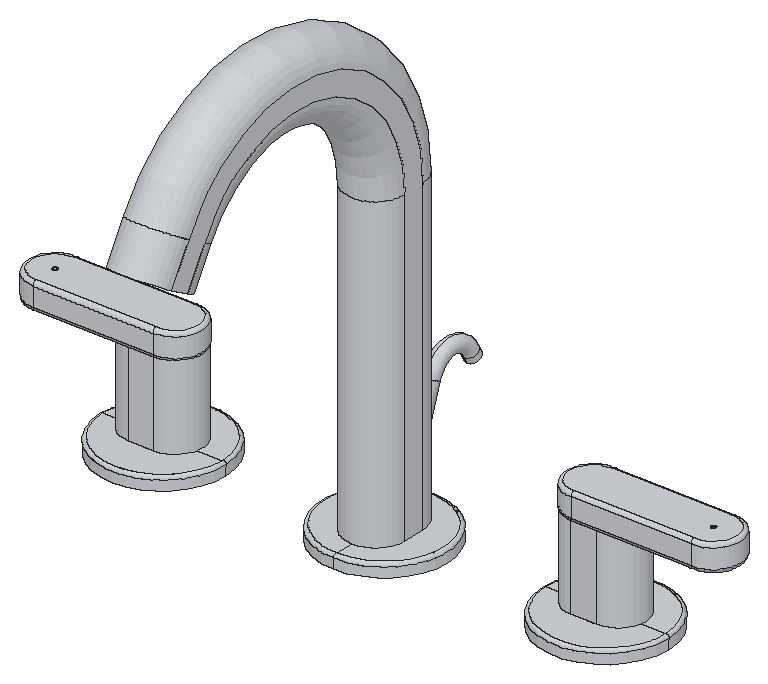
Revit family "Faucet-Lavatory-KOHLER-OBLO-K-4998T", category Plumbing Fixtures, host Face, Revit 2017
Family settings
  Host = Face
  Round Connector Dimension = Use Diameter
  Part Type = Normal
  OmniClass Number = 23.31.11.00
  Cut with Voids When Loaded = No
  Shared = No
  Room Calculation Point = No
Parameters (values of type "CP-Polished Chrome")
  Width = Faucet Hole Spacing  # 8"
  WaterSense Certified = 1 = 0  # no
  Waste Water Outlet = "Waste Water Outlet"  # constant formula
  Waste Connection = 1 = 0  # no
  Vent Connection = 1 = 0  # no
  URL = "https://www.kohler.com.cn/"
  Type = 1
  Spout Reach = 5 37/128"  # constant formula
  Product Page URL = "https://www.kohler.com.cn/product/K-4998T-4-CP/K-4998T-4-CP/"
  Product Name = "OBLO"  # constant formula
  Product Documentation Link = "https://files.kohler.com.cn/pdfs/k_4998t_4.pdf"
  Pressure = 0.00 psi
  Model = "K-4998T-4-CP"  # constant formula
  Material = "Premium Metal Construction"  # constant formula
  Master Format 2014 Name = "Residential Faucets, Supplies, and Trim"  # constant formula
  Master Format 2014 = "22 41 39"  # constant formula
  Manufacturer Address = "Kohler Beijing Office (100016)\r\n36-2-03-B, No. 88, Liuxiang Road, Beijing"  # constant formula
  Manufacturer = "KOHLER Co."  # constant formula
  Length = Spout Reach  # 5 37/128"
  Hot Water Inlet = "Hot Water Inlet"  # constant formula
  Height = 9 65/256"  # constant formula
  Handle Clearance = 2 113/256"  # constant formula
  HW Connection = 1 = 1  # yes
  Flow Rate = 0 GPM
  Finish = Kohler-Metal-CP-Polished_Chrome
  Faucet Hole Spacing = 8"
  Environmental Product Declaration = ""
  Drain Included = 1 = 1  # yes
  Description = "Opel 8 inch double-handle basin mixer"  # constant formula
  Default Elevation = 36"
  Declare Label = ""
  Date Modified = "05/12/2021"  # constant formula
  Date Created = "05/12/2021"  # constant formula
  Copyright = "Copyright KOHLER Co."  # constant formula
  Contact Us = "http://www.kohler.com.cn/contact/contact-us/"
  Cold Water Inlet = "Cold Water Inlet"  # constant formula
  CW Connection = 1 = 1  # yes
  Assembly Code = "D2010"
  ADA Compliant = 1 = 0  # no
Reference planes (in)
  plane 1 "Center (Front/Back)": y = 0
  plane 2: z = 0
  plane 3 "Center (Left/Right)": x = 0
  plane 4: x = -4
  plane 5: x = 4
  plane 6: x = -6.44141
  plane 7: x = -5.14173
  plane 8: x = -2.85827
  plane 9: x = 2.85827
  plane 10: x = 5.14173
  plane 11: x = 6.44141
  plane 12: y = 1.14173
  plane 13: y = -1.14173
  plane 14: x = -1.14173
  plane 15: x = 1.14173
  plane 16: y = -5.92736
  plane 17: y = 2.14961
  plane 18: y = -5.28906
  plane 19: z = 9.25391
  plane 20: z = 2.59084
  plane 21: z = 6.49606
  plane 22: z = 2.27559
Dimensions and locks (in)
  equal spacing: plane 4, plane 3 "Center (Left/Right)", plane 5
  "Width": plane 4 to plane 5
  locked: plane 4 to plane 7 at 1.14173
  locked: plane 8 to plane 4 at 1.14173
  locked: plane 9 to plane 5 at 1.14173
  locked: plane 5 to plane 10 at 1.14173
  "Handle Clearance": plane 4 to plane 6
  "Handle Clearance": plane 5 to plane 11
  "Spout Reach": plane 1 "Center (Front/Back)" to plane 18
  "Height": level to plane 19
  level to plane 21 = 6.49606"
  level to plane 22 = 2.27559"
  aligned and locked: plane 2 to host face
  aligned and locked: level to host face
  aligned and locked: plane 4 to nested 2
  aligned and locked: plane 5 to nested 3
Automatic sketch dimensions
  host sketch curve to host sketch curve = 96"  (x2)
Nested families (in)
  nested 1: "K-4998T_Spout" at (0, 0, 0), type "K-4998T_Spout"
  nested 2: "K-4998T_Handle_Left" at (-4, 0, 0), type "K-4998T_Handle_Left"
  nested 3: "K-4998T_Handle_Right" at (4, 0, 0) x (-1, 0, 0) z (0, 0, 1), type "K-4998T_Handle_Right"
Connectors (in)
  piping at (-4, 0, 0), diameter 0.5, driven by "Flow Rate", driven by "HW Connection", driven by "Hot Water Inlet"
    settings: on nested 2, index 1, connector inside diameter 24", connector length 0", flow factor 0, pipe flow 0 GPM, pressure drop 0.00 psi, fitting loss kfactor 0, connector angle 0.00°, fixture units 0, engagement length 0", angle of deflection 0.00°, flow configuration 0, flow direction 1, fitting loss method 0, system type 19, joint type 0, gender type 0, connector reference index -1, connector utility 1, adjustable connector no, is connector primary yes, connector description "Hot Water Inlet"
  piping at (4, 0, 0), diameter 0.5, driven by "Flow Rate", driven by "CW Connection", driven by "Cold Water Inlet"
    settings: on nested 3, index 2, connector inside diameter 24", connector length 0", flow factor 0, pipe flow 0 GPM, pressure drop 0.00 psi, fitting loss kfactor 0, connector angle 0.00°, fixture units 0, engagement length 0", angle of deflection 0.00°, flow configuration 0, flow direction 1, fitting loss method 0, system type 20, joint type 0, gender type 0, connector reference index -1, connector utility 1, adjustable connector no, is connector primary no, connector description "Cold Water Inlet"
Definition of nested family "K-4998T_Spout"
  Parameters (values of type "K-4998T_Spout")
    material = none
  Reference planes (in)
    plane 1 "Center (Front/Back)": y = 0
    plane 2: z = 0
    plane 3 "Center (Left/Right)": x = 0
    plane 4: y = 1.14173
    plane 5: x = 1.14173
    plane 6: x = -1.14173
    plane 7: y = -1.14173
    plane 8: y = -5.2874
    plane 9: z = 9.25197
    plane 10: z = 6.49606
    plane 11: z = 2.59084
    plane 12: y = 2.14961
    plane 13: y = -5.92736
  Forms (in)
    Revolve 1, solid, material <- "material", detail levels medium+fine
      sketch origin (0, 0, 0) x (0, 1, 0) y (0, 0, 1)
        loop
          line (0, 0) -> (0, 0.23622) -> (-1.08268, 0.23622)
          arc (-1.08268, 0.23622) -> (-1.12444, 0.21892) -> (-1.14173, 0.17717) r 0.05906
          line (-1.14173, 0.17717) -> (-1.14173, 0) -> (0, 0)
        axis (0, 0.23622) -> (0, 0)
      angle from 0 to 360
    Sweep 2, solid, material <- "material", detail levels medium+fine
      path origin (0, 0, 0) x (0, 1, 0) y (0, 0, 1)
        loop
          line (0, 0.23622) -> (0, 5.83911)
          arc (0, 5.83911) -> (-1.94925, 8.37942) -> (-4.9075, 7.15407) r 2.62992
          line (-4.9075, 7.15407) -> (-5.2874, 6.49606)
      profile origin (0, 0, 3.03767) x (0, -1, 0) y (1, 0, 0)
        loop
          arc (-0.20723, 0.5315) -> (-0.73872, 0) -> (-0.20723, -0.5315) r 0.5315
          line (-0.20723, -0.5315) -> (0.20723, -0.5315)
          arc (0.20723, -0.5315) -> (0.73872, 0) -> (0.20723, 0.5315) r 0.5315
          line (0.20723, 0.5315) -> (-0.20723, 0.5315)
    Sweep 3, solid, material <- "material", detail levels medium+fine
      path origin (0, 0, 0) x (0, 1, 0) y (0, 0, 1)
        loop
          line (1.99427, 2.08136) -> (1.93792, 2.19194)
          arc (1.93792, 2.19194) -> (1.47212, 2.45817) -> (1.04224, 2.13716) r 0.48926
          line (1.04224, 2.13716) -> (0.55943, 0.81067)
      profile origin (0, 1.47212, 2.45817) x (0, 0.061049, -0.998135) y (1, 0, 0)
        loop
          circle (0, 0) r 0.1378
    Revolve 4, solid, material <- "material", detail levels coarse
      sketch origin (0, 0.02794, 0.01178) x (0, 1, 0) y (0, 0, 1)
        loop
          line (0, 0.23622) -> (-1.14173, 0.23622) -> (-1.14173, 0) -> (0, 0) -> (0, 0.23622)
        axis (0, 0.23622) -> (0, 0)
      angle from 0 to 360
    Sweep 5, solid, material <- "material", detail levels coarse
      path origin (0, 0.02794, 0.01178) x (0, 1, 0) y (0, 0, 1)
        loop
          line (0, 0.23622) -> (0, 5.87193)
          arc (0, 5.87193) -> (-1.94273, 8.40375) -> (-4.89109, 7.1825) r 2.62113
          line (-4.89109, 7.1825) -> (-5.2874, 6.49606)
      profile origin (0, 0.02794, 3.06586) x (0, -1, 0) y (1, 0, 0)
        loop
          arc (-0.73872, -0.1102) -> (-0.62341, -0.38858) -> (-0.34502, -0.5039) r 0.3937
          line (-0.34502, -0.5039) -> (0.35495, -0.5039)
          arc (0.35495, -0.5039) -> (0.63334, -0.38858) -> (0.74865, -0.1102) r 0.3937
          line (0.74865, -0.1102) -> (0.74865, 0.18419)
          arc (0.74865, 0.18419) -> (0.63334, 0.46258) -> (0.35495, 0.57789) r 0.3937
          line (0.35495, 0.57789) -> (-0.34502, 0.57789)
          arc (-0.34502, 0.57789) -> (-0.62341, 0.46258) -> (-0.73872, 0.18419) r 0.3937
          line (-0.73872, 0.18419) -> (-0.73872, -0.1102)
    Sweep 6, solid, material <- "material", detail levels coarse
      path origin (0, 0, 0) x (0, 1, 0) y (0, 0, 1)
        loop
          line (0.634, 0.61075) -> (1.17261, 2.09058)
          arc (1.17261, 2.09058) -> (1.48088, 2.32078) -> (1.8149, 2.12987) r 0.35084
          line (1.8149, 2.12987) -> (1.87149, 2.0188)
      profile origin (0, 1.48088, 2.32078) x (0, -0.061049, 0.998135) y (1, 0, 0)
        loop
          circle (0.15562, 0) r 0.15748
  Cuts and joins
    joined: Revolve 1, Sweep 2, Sweep 3
    joined: Revolve 4, Sweep 5
  Lines and regions (in)
    Masking region 1
      outline origin (0, 0, 0) x (0, 1, 0) y (0, 0, 1)
        loop
          line (0, 0) -> (1.14173, 0) -> (1.14173, 0.17717)
          arc (1.14173, 0.17717) -> (1.12444, 0.21892) -> (1.08268, 0.23622) r 0.05906
          line (1.08268, 0.23622) -> (0.73872, 0.23622) -> (0.73872, 0.89849) -> (1.17261, 2.09058)
          arc (1.17261, 2.09058) -> (1.48088, 2.32078) -> (1.8149, 2.12987) r 0.35084
          line (1.8149, 2.12987) -> (1.87149, 2.0188) -> (2.11704, 2.14392) -> (2.06582, 2.24445)
          arc (2.06582, 2.24445) -> (1.46416, 2.58832) -> (0.90889, 2.17369) r 0.63196
          line (0.90889, 2.17369) -> (0.73872, 1.70615) -> (0.73872, 5.92192)
          arc (0.73872, 5.92192) -> (-1.74161, 9.15435) -> (-5.50585, 7.59515) r 3.34646
          line (-5.50585, 7.59515) -> (-5.92716, 6.86543) -> (-4.64765, 6.1267) -> (-4.26591, 6.78789)
          arc (-4.26591, 6.78789) -> (-2.13971, 7.66859) -> (-0.73872, 5.84279) r 1.89021
          line (-0.73872, 5.84279) -> (-0.73872, 0.23622) -> (-1.08268, 0.23622)
          arc (-1.08268, 0.23622) -> (-1.12444, 0.21892) -> (-1.14173, 0.17717) r 0.05906
          line (-1.14173, 0.17717) -> (-1.14173, 0) -> (0, 0)
    Masking region 2
      outline origin (0, 0, 0) x (1, 0, 0) y (0, 0, 1)
        loop
          line (0, 0) -> (1.14173, 0) -> (1.14173, 0.17548)
          arc (1.14173, 0.17548) -> (1.12394, 0.21843) -> (1.08099, 0.23622) r 0.06074
          line (1.08099, 0.23622) -> (0.5315, 0.23622) -> (0.5315, 8.71924)
          arc (0.5315, 8.71924) -> (0, 9.25074) -> (-0.5315, 8.71924) r 0.5315
          line (-0.5315, 8.71924) -> (-0.5315, 0.23622) -> (-1.08099, 0.23622)
          arc (-1.08099, 0.23622) -> (-1.12394, 0.21843) -> (-1.14173, 0.17548) r 0.06074
          line (-1.14173, 0.17548) -> (-1.14173, 0) -> (0, 0)
    Masking region 3
      outline origin (0, 0, 0) x (1, 0, 0) y (0, 1, 0)
        loop
          line (0.5315, -5.46687) -> (0.5315, -1.01048)
          arc (0.5315, -1.01048) -> (1.12298, 0.20608) -> (0.13807, 1.13335) r 1.14173
          line (0.13807, 1.13335) -> (0.13807, 2.01165)
          arc (0.13807, 2.01165) -> (0, 2.14973) -> (-0.13807, 2.01165) r 0.13807
          line (-0.13807, 2.01165) -> (-0.13807, 1.13335)
          arc (-0.13807, 1.13335) -> (-1.12298, 0.20608) -> (-0.5315, -1.01048) r 1.14173
          line (-0.5315, -1.01048) -> (-0.5315, -5.46687)
          arc (-0.5315, -5.46687) -> (-0.52028, -5.56114) -> (-0.48727, -5.65016) r 0.40192
          arc (-0.48727, -5.65016) -> (-0.38681, -5.78354) -> (-0.24727, -5.87524) r 0.48791
          arc (-0.24727, -5.87524) -> (-0.12627, -5.9138) -> (0, -5.92734) r 0.63053
          arc (0, -5.92734) -> (0.12627, -5.9138) -> (0.24727, -5.87524) r 0.63053
          arc (0.24727, -5.87524) -> (0.38681, -5.78354) -> (0.48727, -5.65016) r 0.48791
          arc (0.48727, -5.65016) -> (0.52028, -5.56114) -> (0.5315, -5.46687) r 0.40192
    symbolic lines, detail levels medium+fine
      curve 1: line (0, -0.73872, 0.23622) -> (0, 0.73872, 0.23622)
      curve 2: arc (0, 0.73872, 1.70615) -> (0, 0.71211, 1.30232) -> (0, 0.73872, 0.89849) r 3.07675
      curve 3: line (0.5315, 0, 0.23622) -> (-0.5315, 0, 0.23622)
      curve 4: spline (0.5315, 0, 6.59968) -> (0.51339, 0, 6.66846) -> (0.46029, 0, 6.73255) -> (0.37582, 0, 6.78759) -> (0.26575, 0, 6.82982) -> (0.13756, 0, 6.85637) -> (0, 0, 6.86543) -> (-0.13756, 0, 6.85637) -> (-0.26575, 0, 6.82982) -> (-0.37582, 0, 6.78759) -> (-0.46029, 0, 6.73255) -> (-0.51339, 0, 6.66846) -> (-0.5315, 0, 6.59968)
      curve 5: spline (-0.5315, 0, 6.39245) -> (-0.51339, 0, 6.32367) -> (-0.46029, 0, 6.25957) -> (-0.37582, 0, 6.20454) -> (-0.26575, 0, 6.1623) -> (-0.13756, 0, 6.13576) -> (0, 0, 6.1267) -> (0.13756, 0, 6.13576) -> (0.26575, 0, 6.1623) -> (0.37582, 0, 6.20454) -> (0.46029, 0, 6.25957) -> (0.51339, 0, 6.32367) -> (0.5315, 0, 6.39245)
      curve 6: spline (-0.43975, 0, 6.40379) -> (-0.42476, 0, 6.34223) -> (-0.38083, 0, 6.28487) -> (-0.31095, 0, 6.23561) -> (-0.21987, 0, 6.19781) -> (-0.11381, 0, 6.17405) -> (0, 0, 6.16595) -> (0.11381, 0, 6.17405) -> (0.21987, 0, 6.19781) -> (0.31095, 0, 6.23561) -> (0.38083, 0, 6.28487) -> (0.42476, 0, 6.34223) -> (0.43975, 0, 6.40379) -> (0.42476, 0, 6.46535) -> (0.38083, 0, 6.52271) -> (0.31095, 0, 6.57197) -> (0.21987, 0, 6.60976) -> (0.11381, 0, 6.63353) -> (0, 0, 6.64163) -> (-0.11381, 0, 6.63353) -> (-0.21987, 0, 6.60976) -> (-0.31095, 0, 6.57197) -> (-0.38083, 0, 6.52271) -> (-0.42476, 0, 6.46535) -> (-0.43975, 0, 6.40379)
      curve 7: arc (-0.5315, 0.20723, 0) -> (0, 0.73872, 0) -> (0.5315, 0.20723, 0) r 0.5315
      curve 8: line (-0.5315, -1.01048, 0) -> (-0.5315, 0.20723, 0)
      curve 9: line (0.5315, -1.01048, 0) -> (0.5315, 0.20723, 0)
      curve 10: line (0.13807, 1.13335, 0) -> (0.13807, 0.72048, 0)
      curve 11: line (-0.13807, 1.13335, 0) -> (-0.13807, 0.72048, 0)
  Dimensions and locks (in)
    aligned and locked: plane 2 to level
Definition of nested family "K-4998T_Handle_Left"
  Parameters (values of type "K-4998T_Handle_Left")
    material = none
  Reference planes (in)
    plane 1 "Center (Front/Back)": y = 0
    plane 2: z = 0
    plane 3 "Center (Left/Right)": x = 0
    plane 4: x = -2.44094
    plane 5: z = 1.80315
    plane 6: y = 1.14173
    plane 7: x = 1.14173
    plane 8: x = -1.14173
    plane 9: y = -1.14173
    plane 10: z = 2.27559
    plane 11: y = 0.48839
    plane 12: y = -0.48839
  Forms (in)
    Sweep 1, solid, material <- "material", detail levels medium+fine
      path origin (0, 0, 0) x (1, 0, 0) y (0, 1, 0)
        loop
          line (0.22279, 0.48839) -> (-1.9454, 0.48839)
          arc (-1.9454, 0.48839) -> (-2.4338, 0) -> (-1.9454, -0.48839) r 0.48839
          line (-1.9454, -0.48839) -> (0.22279, -0.48839)
          arc (0.22279, -0.48839) -> (0.71119, 0) -> (0.22279, 0.48839) r 0.48839
      profile origin (-2.4338, 0, 0) x (1, 0, 0) y (0, 0, 1)
        loop
          arc (0.0614, 2.27559) -> (0.01293, 2.25551) -> (-0.00715, 2.20704) r 0.06855
          line (-0.00715, 2.20704) -> (-0.00715, 1.85827)
          arc (-0.00715, 1.85827) -> (0.009, 1.81929) -> (0.04797, 1.80315) r 0.05512
          line (0.04797, 1.80315) -> (0.17452, 1.80315) -> (0.17452, 2.27559) -> (0.0614, 2.27559)
    Revolve 2, solid, material <- "material", detail levels medium+fine
      sketch origin (0, 0, 0) x (1, 0, 0) y (0, 0, 1)
        loop
          line (0.3937, 0.23622) -> (0.3937, 0.30889) -> (0, 0.30889) -> (0, 0) -> (1.14173, 0) -> (1.14173, 0.17854)
          arc (1.14173, 0.17854) -> (1.12484, 0.21933) -> (1.08406, 0.23622) r 0.05768
          line (1.08406, 0.23622) -> (0.3937, 0.23622)
        axis (0, 0.30889) -> (0, 0)
      angle from 0 to 360
    Extrusion 3, solid, material <- "material", detail levels medium+fine
      sketch origin (0, 0, 0) x (1, 0, 0) y (0, 1, 0)
        loop
          arc (-1.9454, 0.31387) -> (-2.25927, 0) -> (-1.9454, -0.31387) r 0.31387
          line (-1.9454, -0.31387) -> (0.22279, -0.31387)
          arc (0.22279, -0.31387) -> (0.53666, 0) -> (0.22279, 0.31387) r 0.31387
          line (0.22279, 0.31387) -> (-1.9454, 0.31387)
      from 1.80495 to 2.27559
    Extrusion 4, solid, material <- "material", detail levels medium+fine
      sketch origin (0, 0, 0) x (1, 0, 0) y (0, 1, 0)
        loop
          line (0.23012, 0.48839) -> (-0.23012, 0.48839)
          arc (-0.23012, 0.48839) -> (-0.71851, 0) -> (-0.23012, -0.48839) r 0.48839
          line (-0.23012, -0.48839) -> (0.23012, -0.48839)
          arc (0.23012, -0.48839) -> (0.71851, 0) -> (0.23012, 0.48839) r 0.48839
      from 0.30889 to 1.85827
    Revolve 5, void
      sketch origin (-0.02461, 0, -0.03691) x (1, 0, 0) y (0, 0, 1)
        loop
          line (-0.78467, 1.6106) -> (-0.74429, 1.52399) -> (-0.50276, 1.63662) -> (-0.54315, 1.72323) -> (-0.78467, 1.6106)
        axis (-0.78467, 1.6106) -> (-0.54315, 1.72323)
      angle from 0 to 360
    Extrusion 6, solid, material <- "material", detail levels coarse
      sketch origin (0, 0, 0) x (1, 0, 0) y (0, 1, 0)
        loop
          circle (0, 0) r 1.14173
      from 0 to 0.30889
    Extrusion 7, solid, material <- "material", detail levels coarse
      sketch origin (0, 0, 0) x (1, 0, 0) y (0, 1, 0)
        loop
          line (-0.71841, 0.48839) -> (-0.71841, -0.48839) -> (0.71345, -0.48839) -> (0.71345, 0.48839) -> (-0.71841, 0.48839)
      from 0.30889 to 2.30949
    Extrusion 8, solid, material <- "material", detail levels coarse
      sketch origin (0, 0, 0) x (1, 0, 0) y (0, 1, 0)
        loop
          line (0.71345, 0.48839) -> (-2.44094, 0.48839) -> (-2.44094, -0.48839) -> (0.71345, -0.48839) -> (0.71345, 0.48839)
      from 1.77903 to 2.30949
    Extrusion 9, solid, material <- "material", detail levels medium+fine
      sketch origin (0, 0, 0) x (1, 0, 0) y (0, 1, 0)
        loop
          circle (0, 0) r 0.09843
      from 0 to 0.06974
    Extrusion 10, void
      sketch origin (0, 0, 0) x (1, 0, 0) y (0, 1, 0)
        loop
          circle (-1.95026, 0) r 0.03937
      from 2.23868 to 2.29743
    Extrusion 11, solid, detail levels medium+fine
      sketch origin (0, 0, 0) x (1, 0, 0) y (0, 1, 0)
        loop
          circle (-1.95026, 0) r 0.03937
      from 2.23868 to 2.27559
  Cuts and joins
    Revolve 5 cuts Extrusion 4
    joined: Revolve 2, Extrusion 4
    joined: Extrusion 6, Extrusion 7, Extrusion 8
    Extrusion 10 cuts Sweep 1
    Extrusion 10 cuts Extrusion 3
    joined: Sweep 1, Extrusion 3
  Lines and regions (in)
    Masking region 1
      outline origin (0, 0, 0) x (1, 0, 0) y (0, 0, 1)
        loop
          line (0, 0) -> (1.14173, 0) -> (1.14173, 0.17717)
          arc (1.14173, 0.17717) -> (1.12444, 0.21892) -> (1.08268, 0.23622) r 0.05906
          line (1.08268, 0.23622) -> (0.3937, 0.23622) -> (0.3937, 0.30889) -> (0.69883, 0.30889)
          arc (0.69883, 0.30889) -> (0.71275, 0.31465) -> (0.71851, 0.32857) r 0.01969
          line (0.71851, 0.32857) -> (0.71851, 2.22047)
          arc (0.71851, 2.22047) -> (0.70237, 2.25945) -> (0.6634, 2.27559) r 0.05512
          line (0.6634, 2.27559) -> (-2.38583, 2.27559)
          arc (-2.38583, 2.27559) -> (-2.4248, 2.25945) -> (-2.44094, 2.22047) r 0.05512
          line (-2.44094, 2.22047) -> (-2.44094, 1.85827)
          arc (-2.44094, 1.85827) -> (-2.4248, 1.81929) -> (-2.38583, 1.80315) r 0.05512
          line (-2.38583, 1.80315) -> (-0.91536, 1.80315)
          arc (-0.91536, 1.80315) -> (-0.77617, 1.74549) -> (-0.71851, 1.6063) r 0.19685
          line (-0.71851, 1.6063) -> (-0.71851, 0.32857)
          arc (-0.71851, 0.32857) -> (-0.71275, 0.31465) -> (-0.69883, 0.30889) r 0.01969
          line (-0.69883, 0.30889) -> (-0.3937, 0.30889) -> (-0.3937, 0.23622) -> (-1.08268, 0.23622)
          arc (-1.08268, 0.23622) -> (-1.12444, 0.21892) -> (-1.14173, 0.17717) r 0.05906
          line (-1.14173, 0.17717) -> (-1.14173, 0) -> (0, 0)
    Masking region 2
      outline origin (0, 0, 0) x (0, 1, 0) y (0, 0, 1)
        loop
          line (0, 0) -> (1.14173, 0) -> (1.14173, 0.17717)
          arc (1.14173, 0.17717) -> (1.12444, 0.21892) -> (1.08268, 0.23622) r 0.05906
          line (1.08268, 0.23622) -> (0.3937, 0.23622) -> (0.3937, 0.30889) -> (0.46871, 0.30889)
          arc (0.46871, 0.30889) -> (0.48263, 0.31465) -> (0.48839, 0.32857) r 0.01969
          line (0.48839, 0.32857) -> (0.48839, 2.21654)
          arc (0.48839, 2.21654) -> (0.4711, 2.25829) -> (0.42934, 2.27559) r 0.05906
          line (0.42934, 2.27559) -> (0, 2.27559) -> (-0.42934, 2.27559)
          arc (-0.42934, 2.27559) -> (-0.4711, 2.25829) -> (-0.48839, 2.21654) r 0.05906
          line (-0.48839, 2.21654) -> (-0.48839, 0.32857)
          arc (-0.48839, 0.32857) -> (-0.48263, 0.31465) -> (-0.46871, 0.30889) r 0.01969
          line (-0.46871, 0.30889) -> (-0.3937, 0.30889) -> (-0.3937, 0.23622) -> (-1.08268, 0.23622)
          arc (-1.08268, 0.23622) -> (-1.12444, 0.21892) -> (-1.14173, 0.17717) r 0.05906
          line (-1.14173, 0.17717) -> (-1.14173, 0) -> (0, 0)
    Masking region 3
      outline origin (0, 0, 0) x (1, 0, 0) y (0, 1, 0)
        loop
          line (-1.032, 0.48839) -> (-1.95026, 0.48839)
          arc (-1.95026, 0.48839) -> (-2.43865, 0) -> (-1.95026, -0.48839) r 0.48839
          line (-1.95026, -0.48839) -> (-1.032, -0.48839)
          arc (-1.032, -0.48839) -> (0.25028, -1.11396) -> (1.14173, 0) r 1.14173
          arc (1.14173, 0) -> (0.25028, 1.11396) -> (-1.032, 0.48839) r 1.14173
    symbolic lines, detail levels medium+fine
      curve 1: line (0.3937, 0, 0.23622) -> (-0.3937, 0, 0.23622)
      curve 2: line (0.3937, 0, 0.30889) -> (-0.3937, 0, 0.30889)
      curve 3: line (0, 0, 1.80315) -> (0, -0.43751, 1.80315)
      curve 4: arc (0, -0.43751, 1.80315) -> (0, -0.47502, 1.81957) -> (0, -0.48839, 1.85827) r 0.05104
      curve 5: line (0, 0, 1.80315) -> (0, 0.43751, 1.80315)
      curve 6: arc (0, 0.43751, 1.80315) -> (0, 0.47502, 1.81957) -> (0, 0.48839, 1.85827) r 0.05104
      curve 7: line (0, 0, 1.72146) -> (0, 0, 1.51058)
      curve 8: line (0, 0, 1.51058) -> (0, 0, 1.72146)
      curve 9: spline (0, -0.08747, 1.65145) -> (0, -0.08337, 1.64398) -> (0, -0.07849, 1.63691) -> (0, -0.07288, 1.63029) -> (0, -0.06659, 1.6242) -> (0, -0.05969, 1.61868) -> (0, -0.05223, 1.61379) -> (0, -0.04429, 1.60957) -> (0, -0.03593, 1.60607) -> (0, -0.02724, 1.6033) -> (0, -0.0183, 1.60131) -> (0, -0.0092, 1.60011) -> (0, 0, 1.59971)
      curve 10: spline (0, 0.08747, 1.65145) -> (0, 0.08337, 1.64398) -> (0, 0.07849, 1.63691) -> (0, 0.07288, 1.63029) -> (0, 0.06659, 1.6242) -> (0, 0.05969, 1.61868) -> (0, 0.05223, 1.61379) -> (0, 0.04429, 1.60957) -> (0, 0.03593, 1.60607) -> (0, 0.02724, 1.6033) -> (0, 0.0183, 1.60131) -> (0, 0.0092, 1.60011) -> (0, 0, 1.59971)
      curve 11: line (0, -0.3937, 0.30889) -> (0, 0.3937, 0.30889)
      curve 12: line (0, -0.3937, 0.23622) -> (0, 0.3937, 0.23622)
      curve 13: line (-1.032, 0.48839, 0) -> (0.22816, 0.48839, 0)
      curve 14: line (-1.032, -0.48839, 0) -> (0.22816, -0.48839, 0)
      curve 15: arc (0.22816, -0.48839, 0) -> (0.71656, 0, 0) -> (0.22816, 0.48839, 0) r 0.48839
  Dimensions and locks (in)
    aligned and locked: plane 2 to level
Definition of nested family "K-4998T_Handle_Right"
  Parameters (values of type "K-4998T_Handle_Right")
    material = none
    Default Elevation = 48"
  Reference planes (in)
    plane 1 "Center (Front/Back)": y = 0
    plane 2: z = 0
    plane 3 "Center (Left/Right)": x = 0
    plane 4: x = -2.44094
    plane 5: z = 1.80315
    plane 6: y = 1.14173
    plane 7: x = 1.14173
    plane 8: x = -1.14173
    plane 9: y = -1.14173
    plane 10: z = 2.27559
    plane 11: y = 0.48839
    plane 12: y = -0.48839
  Forms (in)
    Sweep 1, solid, material <- "material", detail levels medium+fine
      path origin (0, 0, 0) x (1, 0, 0) y (0, 1, 0)
        loop
          line (0.22279, 0.48839) -> (-1.9454, 0.48839)
          arc (-1.9454, 0.48839) -> (-2.4338, 0) -> (-1.9454, -0.48839) r 0.48839
          line (-1.9454, -0.48839) -> (0.22279, -0.48839)
          arc (0.22279, -0.48839) -> (0.71119, 0) -> (0.22279, 0.48839) r 0.48839
      profile origin (-2.4338, 0, 0) x (1, 0, 0) y (0, 0, 1)
        loop
          arc (0.0614, 2.27559) -> (0.01293, 2.25551) -> (-0.00715, 2.20704) r 0.06855
          line (-0.00715, 2.20704) -> (-0.00715, 1.85827)
          arc (-0.00715, 1.85827) -> (0.009, 1.81929) -> (0.04797, 1.80315) r 0.05512
          line (0.04797, 1.80315) -> (0.17452, 1.80315) -> (0.17452, 2.27559) -> (0.0614, 2.27559)
    Revolve 2, solid, material <- "material", detail levels medium+fine
      sketch origin (0, 0, 0) x (1, 0, 0) y (0, 0, 1)
        loop
          line (0.3937, 0.23622) -> (0.3937, 0.30889) -> (0, 0.30889) -> (0, 0) -> (1.14173, 0) -> (1.14173, 0.17854)
          arc (1.14173, 0.17854) -> (1.12484, 0.21933) -> (1.08406, 0.23622) r 0.05768
          line (1.08406, 0.23622) -> (0.3937, 0.23622)
        axis (0, 0.30889) -> (0, 0)
      angle from 0 to 360
    Extrusion 3, solid, material <- "material", detail levels medium+fine
      sketch origin (0, 0, 0) x (1, 0, 0) y (0, 1, 0)
        loop
          arc (-1.9454, 0.31387) -> (-2.25927, 0) -> (-1.9454, -0.31387) r 0.31387
          line (-1.9454, -0.31387) -> (0.22279, -0.31387)
          arc (0.22279, -0.31387) -> (0.53666, 0) -> (0.22279, 0.31387) r 0.31387
          line (0.22279, 0.31387) -> (-1.9454, 0.31387)
      from 1.80495 to 2.27559
    Extrusion 4, solid, material <- "material", detail levels medium+fine
      sketch origin (0, 0, 0) x (1, 0, 0) y (0, 1, 0)
        loop
          line (0.23012, 0.48839) -> (-0.23012, 0.48839)
          arc (-0.23012, 0.48839) -> (-0.71851, 0) -> (-0.23012, -0.48839) r 0.48839
          line (-0.23012, -0.48839) -> (0.23012, -0.48839)
          arc (0.23012, -0.48839) -> (0.71851, 0) -> (0.23012, 0.48839) r 0.48839
      from 0.30889 to 1.85827
    Revolve 5, void
      sketch origin (-0.02461, 0, -0.03691) x (1, 0, 0) y (0, 0, 1)
        loop
          line (-0.78467, 1.6106) -> (-0.74429, 1.52399) -> (-0.50276, 1.63662) -> (-0.54315, 1.72323) -> (-0.78467, 1.6106)
        axis (-0.78467, 1.6106) -> (-0.54315, 1.72323)
      angle from 0 to 360
    Extrusion 6, solid, material <- "material", detail levels coarse
      sketch origin (0, 0, 0) x (1, 0, 0) y (0, 1, 0)
        loop
          circle (0, 0) r 1.14173
      from 0 to 0.30889
    Extrusion 7, solid, material <- "material", detail levels coarse
      sketch origin (0, 0, 0) x (1, 0, 0) y (0, 1, 0)
        loop
          line (-0.71841, 0.48839) -> (-0.71841, -0.48839) -> (0.71345, -0.48839) -> (0.71345, 0.48839) -> (-0.71841, 0.48839)
      from 0.30889 to 2.30949
    Extrusion 8, solid, material <- "material", detail levels coarse
      sketch origin (0, 0, 0) x (1, 0, 0) y (0, 1, 0)
        loop
          line (0.71345, 0.48839) -> (-2.44094, 0.48839) -> (-2.44094, -0.48839) -> (0.71345, -0.48839) -> (0.71345, 0.48839)
      from 1.77903 to 2.30949
    Extrusion 9, solid, material <- "material", detail levels medium+fine
      sketch origin (0, 0, 0) x (1, 0, 0) y (0, 1, 0)
        loop
          circle (0, 0) r 0.09843
      from 0 to 0.06974
    Extrusion 10, void
      sketch origin (0, 0, 0) x (1, 0, 0) y (0, 1, 0)
        loop
          circle (-1.95026, 0) r 0.03937
      from 2.23868 to 2.29743
    Extrusion 11, solid, detail levels medium+fine
      sketch origin (0, 0, 0) x (1, 0, 0) y (0, 1, 0)
        loop
          circle (-1.95026, 0) r 0.03937
      from 2.23868 to 2.27559
  Cuts and joins
    Revolve 5 cuts Extrusion 4
    joined: Revolve 2, Extrusion 4
    joined: Extrusion 6, Extrusion 7, Extrusion 8
    Extrusion 10 cuts Sweep 1
    Extrusion 10 cuts Extrusion 3
    joined: Sweep 1, Extrusion 3
  Lines and regions (in)
    Masking region 1
      outline origin (0, 0, 0) x (1, 0, 0) y (0, 0, 1)
        loop
          line (0, 0) -> (1.14173, 0) -> (1.14173, 0.17717)
          arc (1.14173, 0.17717) -> (1.12444, 0.21892) -> (1.08268, 0.23622) r 0.05906
          line (1.08268, 0.23622) -> (0.3937, 0.23622) -> (0.3937, 0.30889) -> (0.69883, 0.30889)
          arc (0.69883, 0.30889) -> (0.71275, 0.31465) -> (0.71851, 0.32857) r 0.01969
          line (0.71851, 0.32857) -> (0.71851, 2.22047)
          arc (0.71851, 2.22047) -> (0.70237, 2.25945) -> (0.6634, 2.27559) r 0.05512
          line (0.6634, 2.27559) -> (-2.38583, 2.27559)
          arc (-2.38583, 2.27559) -> (-2.4248, 2.25945) -> (-2.44094, 2.22047) r 0.05512
          line (-2.44094, 2.22047) -> (-2.44094, 1.85827)
          arc (-2.44094, 1.85827) -> (-2.4248, 1.81929) -> (-2.38583, 1.80315) r 0.05512
          line (-2.38583, 1.80315) -> (-0.91536, 1.80315)
          arc (-0.91536, 1.80315) -> (-0.77617, 1.74549) -> (-0.71851, 1.6063) r 0.19685
          line (-0.71851, 1.6063) -> (-0.71851, 0.32857)
          arc (-0.71851, 0.32857) -> (-0.71275, 0.31465) -> (-0.69883, 0.30889) r 0.01969
          line (-0.69883, 0.30889) -> (-0.3937, 0.30889) -> (-0.3937, 0.23622) -> (-1.08268, 0.23622)
          arc (-1.08268, 0.23622) -> (-1.12444, 0.21892) -> (-1.14173, 0.17717) r 0.05906
          line (-1.14173, 0.17717) -> (-1.14173, 0) -> (0, 0)
    Masking region 2
      outline origin (0, 0, 0) x (0, 1, 0) y (0, 0, 1)
        loop
          line (0, 0) -> (1.14173, 0) -> (1.14173, 0.17717)
          arc (1.14173, 0.17717) -> (1.12444, 0.21892) -> (1.08268, 0.23622) r 0.05906
          line (1.08268, 0.23622) -> (0.3937, 0.23622) -> (0.3937, 0.30889) -> (0.46871, 0.30889)
          arc (0.46871, 0.30889) -> (0.48263, 0.31465) -> (0.48839, 0.32857) r 0.01969
          line (0.48839, 0.32857) -> (0.48839, 2.21654)
          arc (0.48839, 2.21654) -> (0.4711, 2.25829) -> (0.42934, 2.27559) r 0.05906
          line (0.42934, 2.27559) -> (0, 2.27559) -> (-0.42934, 2.27559)
          arc (-0.42934, 2.27559) -> (-0.4711, 2.25829) -> (-0.48839, 2.21654) r 0.05906
          line (-0.48839, 2.21654) -> (-0.48839, 0.32857)
          arc (-0.48839, 0.32857) -> (-0.48263, 0.31465) -> (-0.46871, 0.30889) r 0.01969
          line (-0.46871, 0.30889) -> (-0.3937, 0.30889) -> (-0.3937, 0.23622) -> (-1.08268, 0.23622)
          arc (-1.08268, 0.23622) -> (-1.12444, 0.21892) -> (-1.14173, 0.17717) r 0.05906
          line (-1.14173, 0.17717) -> (-1.14173, 0) -> (0, 0)
    Masking region 3
      outline origin (0, 0, 0) x (1, 0, 0) y (0, 1, 0)
        loop
          line (-1.032, 0.48839) -> (-1.95026, 0.48839)
          arc (-1.95026, 0.48839) -> (-2.43865, 0) -> (-1.95026, -0.48839) r 0.48839
          line (-1.95026, -0.48839) -> (-1.032, -0.48839)
          arc (-1.032, -0.48839) -> (0.25028, -1.11396) -> (1.14173, 0) r 1.14173
          arc (1.14173, 0) -> (0.25028, 1.11396) -> (-1.032, 0.48839) r 1.14173
    symbolic lines, detail levels medium+fine
      curve 1: line (0.3937, 0, 0.23622) -> (-0.3937, 0, 0.23622)
      curve 2: line (0.3937, 0, 0.30889) -> (-0.3937, 0, 0.30889)
      curve 3: line (0, 0, 1.80315) -> (0, -0.43751, 1.80315)
      curve 4: arc (0, -0.43751, 1.80315) -> (0, -0.47502, 1.81957) -> (0, -0.48839, 1.85827) r 0.05104
      curve 5: line (0, 0, 1.80315) -> (0, 0.43751, 1.80315)
      curve 6: arc (0, 0.43751, 1.80315) -> (0, 0.47502, 1.81957) -> (0, 0.48839, 1.85827) r 0.05104
      curve 7: line (0, 0, 1.72146) -> (0, 0, 1.51058)
      curve 8: line (0, 0, 1.51058) -> (0, 0, 1.72146)
      curve 9: spline (0, -0.08747, 1.65145) -> (0, -0.08337, 1.64398) -> (0, -0.07849, 1.63691) -> (0, -0.07288, 1.63029) -> (0, -0.06659, 1.6242) -> (0, -0.05969, 1.61868) -> (0, -0.05223, 1.61379) -> (0, -0.04429, 1.60957) -> (0, -0.03593, 1.60607) -> (0, -0.02724, 1.6033) -> (0, -0.0183, 1.60131) -> (0, -0.0092, 1.60011) -> (0, 0, 1.59971)
      curve 10: spline (0, 0.08747, 1.65145) -> (0, 0.08337, 1.64398) -> (0, 0.07849, 1.63691) -> (0, 0.07288, 1.63029) -> (0, 0.06659, 1.6242) -> (0, 0.05969, 1.61868) -> (0, 0.05223, 1.61379) -> (0, 0.04429, 1.60957) -> (0, 0.03593, 1.60607) -> (0, 0.02724, 1.6033) -> (0, 0.0183, 1.60131) -> (0, 0.0092, 1.60011) -> (0, 0, 1.59971)
      curve 11: line (0, -0.3937, 0.30889) -> (0, 0.3937, 0.30889)
      curve 12: line (0, -0.3937, 0.23622) -> (0, 0.3937, 0.23622)
      curve 13: line (-1.032, 0.48839, 0) -> (0.22816, 0.48839, 0)
      curve 14: line (-1.032, -0.48839, 0) -> (0.22816, -0.48839, 0)
      curve 15: arc (0.22816, -0.48839, 0) -> (0.71656, 0, 0) -> (0.22816, 0.48839, 0) r 0.48839
  Dimensions and locks (in)
    aligned and locked: plane 2 to level
